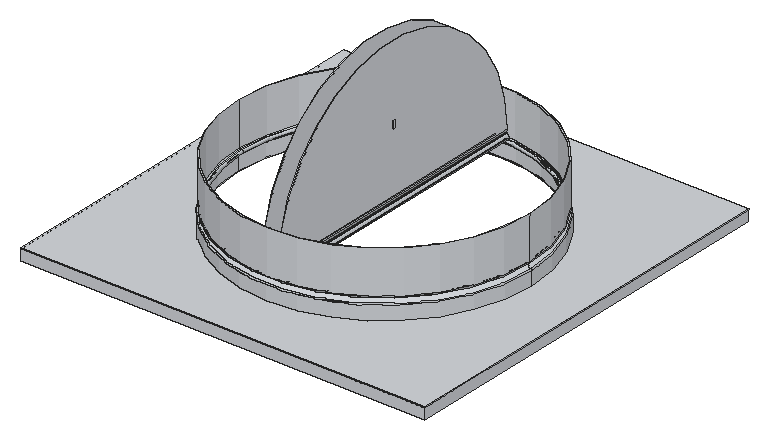
Revit family "C-RD-T, C-RD-AT", category Mechanical Equipment, Revit 2015
Parameters
  Void Radius [instance] = Exact Diameter / 2 - 0' 0 9/256"  # 0' - 7 247/256"
  URL = "http://unitedenertech.com/catalog/pdf/D-2%20%20C-RD%20(-T)%20(-AT).pdf"
  Type Comments = "Max. Size is (18\" Diameter, 22\"w x 22\"l Box Transition)"
  Track Length [instance] = Exact Diameter - 0' 0 1/2"  # 1' - 3 1/2"
  Model = "C-RD-T, C-RD-A/T"
  Manufacturer = "United Enertech Corporation"
  Height = 0' - 3 1/2"
  Exact Diameter = 1' - 4"
  Description = "Round Ceiling Damper with Rectangular Transition"
  Box Width = 1' - 10"
  Box Length = 1' - 10"
  Blade Height [instance] = Exact Diameter / 2 + 0' 0 1/2"  # 0' - 8 1/2"
Reference planes (in)
  plane 1 "Center (Front/Back)": y = 0
  plane 2: z = 0
  plane 3 "Center (Left/Right)": x = 0
  plane 4: x = -8
  plane 5: x = 8
  plane 6: z = 3.5
  plane 7: y = -7.75
  plane 8: y = 7.75
  plane 9: x = -11
  plane 10: x = 11
  plane 11: y = -11
  plane 12: y = 11
  plane 13: z = -0.625
  plane 14: z = -0.0359
  plane 15: y = -10.9641
  plane 16: y = 10.9641
  plane 17: x = -10.9641
  plane 18: x = 10.9641
Forms (in)
  Revolve 1, solid
    sketch origin (0, 0, 0) x (1, 0, 0) y (0, 0, 1)
      loop
        line (8, 0) -> (8, 0.75322)
        arc (8, 0.75322) -> (7.99391, 0.78384) -> (7.97657, 0.80979) r 0.08
        line (7.97657, 0.80979) -> (7.74318, 0.98318)
        arc (7.74318, 0.98318) -> (7.73343, 1.03222) -> (7.775, 1.06) r 0.045
        line (7.775, 1.06) -> (7.855, 1.06)
        arc (7.855, 1.06) -> (7.9151, 1.0849) -> (7.94, 1.145) r 0.085
        line (7.94, 1.145) -> (7.94, 3.5) -> (7.9, 3.5) -> (7.9, 1.145)
        arc (7.9, 1.145) -> (7.88682, 1.11318) -> (7.855, 1.1) r 0.045
        line (7.855, 1.1) -> (7.775, 1.1)
        arc (7.775, 1.1) -> (7.69647, 1.04753) -> (7.7149, 0.9549) r 0.085
        line (7.7149, 0.9549) -> (7.94828, 0.78151)
        arc (7.94828, 0.78151) -> (7.95696, 0.76853) -> (7.96, 0.75322) r 0.04
        line (7.96, 0.75322) -> (7.96, 0) -> (8, 0)
      axis (0, 3.5) -> (0, 0)
    angle from 0 to 360
  Extrusion 2, solid
    sketch origin (0, 0, 0) x (1, 0, 0) y (0, 1, 0)
      loop
        line (-11, 11) -> (-11, -11) -> (11, -11) -> (11, 11) -> (-11, 11)
      loop
        line (-10.9641, -10.9641) -> (10.9641, -10.9641) -> (10.9641, 10.9641) -> (-10.9641, 10.9641) -> (-10.9641, -10.9641)
    from -0.625 to -0.0359
  Extrusion 3, solid
    sketch origin (0, 0, 0) x (1, 0, 0) y (0, 1, 0)
      loop
        line (-11, 11) -> (-11, -11) -> (11, -11) -> (11, 11) -> (-11, 11)
    from -0.0359 to 0
  Extrusion 4, void
    sketch origin (-66.38155, 14.45568, 0) x (1, 0, 0) y (0, 1, 0)
      loop
        circle (66.38155, -14.45568) r 7.96484
    from -0.625 to 0
Cuts and joins
  Extrusion 4 cuts Extrusion 3
Dimensions and locks (in)
  equal spacing: plane 4, plane 3 "Center (Left/Right)", plane 5
  "Exact Diameter": plane 4 to plane 5
  "Height": plane 6 to level
  equal spacing: plane 8, plane 1 "Center (Front/Back)", plane 7
  "Track Length": plane 8 to plane 7
  equal spacing: plane 9, plane 3 "Center (Left/Right)", plane 10
  "Box Length": plane 9 to plane 10
  equal spacing: plane 12, plane 1 "Center (Front/Back)", plane 11
  "Box Width": plane 12 to plane 11
  locked: level to plane 13 at 0.625
  locked: level to plane 14 at 0.0359
  locked: plane 15 to plane 11 at 0.0359
  locked: plane 16 to plane 12 at 0.0359
  locked: plane 9 to plane 17 at 0.0359
  locked: plane 18 to plane 10 at 0.0359
  "Void Radius": radius of Extrusion 4 sketch curve
  aligned and locked: level to plane 2
  aligned and locked: plane 5 to Revolve 1 sketch curve
  aligned and locked: plane 1 "Center (Front/Back)" to nested 1
  aligned and locked: plane 1 "Center (Front/Back)" to nested 2
  aligned and locked: plane 12 to Extrusion 2 sketch curve
  aligned and locked: Extrusion 2 sketch curve to plane 9
  aligned and locked: Extrusion 2 sketch curve to plane 10
  aligned and locked: plane 11 to Extrusion 2 sketch curve
  aligned and locked: Extrusion 2 sketch curve to plane 15
  aligned and locked: Extrusion 2 sketch curve to plane 16
  aligned and locked: Extrusion 2 sketch curve to plane 17
  aligned and locked: Extrusion 2 sketch curve to plane 18
  aligned and locked: Extrusion 2 to plane 13
  aligned and locked: plane 14 to Extrusion 2
  aligned and locked: plane 12 to Extrusion 3 sketch curve
  aligned and locked: plane 11 to Extrusion 3 sketch curve
  aligned and locked: Extrusion 3 sketch curve to plane 9
  aligned and locked: Extrusion 3 sketch curve to plane 10
  aligned and locked: Extrusion 3 to plane 14
  aligned and locked: level to Extrusion 3
  aligned and locked: level to Extrusion 4
Automatic sketch dimensions
  Revolve 1 sketch curve to Revolve 1 sketch curve = 0' - 0"  (x6)
  Revolve 1 sketch curve to plane 3 "Center (Left/Right)" = 0' - 0"
  level to Revolve 1 sketch curve = 0' - 0.9549"
  plane 5 to Revolve 1 sketch curve = 0' - 0.2851"
  level to Revolve 1 sketch curve = 0' - 0.98318"
  Revolve 1 sketch curve to Revolve 1 sketch curve = 0' - 0.02828"  (x3)
  Revolve 1 sketch curve to Revolve 1 sketch curve = 0' - 0.03182"  (x2)
  Revolve 1 sketch curve to Revolve 1 sketch curve = 0' - 0.08"
  Revolve 1 sketch curve to Revolve 1 sketch curve = 0' - 0.045"
  Revolve 1 sketch curve to Revolve 1 sketch curve = 0' - 0.2051"
  level to Revolve 1 sketch curve = 0' - 0.78151"
  Revolve 1 sketch curve to Revolve 1 sketch curve = 0' - 0 3/256"
  level to Revolve 1 sketch curve = 0' - 0"
  Revolve 1 sketch curve to Revolve 1 sketch curve = 0' - 2.355"
  Revolve 1 sketch curve to level = 0' - 4 245/256"
  level to Revolve 1 sketch curve = 0' - 8 203/256"
  plane 1 "Center (Front/Back)" to Extrusion 4 sketch curve = 0' - 0"
  Extrusion 4 sketch curve to plane 3 "Center (Left/Right)" = 0' - 0"
Nested families (in)
  nested 1: "CRD Track" at (1.0397, 0, 1.07164) x (0, -1, 0) z (0, 0, 1), type "CRD Track"
    with Track Length 1' - 3 1/2"
  nested 2: "CRD Blades" at (-0.38995, 0, 1.57164), type "CRD Blades"
    with Radius 0' - 7 3/4", H1 0' - 3 7/8", Blade Height 0' - 8 1/4", Blade Length 1' - 3 1/2"
  nested 3: "CRD Blades" at (0.38995, 0, 1.57164) x (-1, 0, 0) z (0, 0, 1), type "CRD Blades"
    with Radius 0' - 7 3/4", H1 0' - 3 7/8", Blade Height 0' - 8 1/4", Blade Length 1' - 3 1/2"
Definition of nested family "CRD Track"
  Parameters (values of type "CRD Track")
    Track Length = 2' - 0"
  Reference planes (in)
    plane 1 "Center (Front/Back)": y = 0
    plane 2: z = 0
    plane 3 "Center (Left/Right)": x = 0
    plane 4: x = -12
    plane 5: x = 12
    plane 6: x = -12.0359
    plane 7: x = 12.0359
    plane 8: z = 0.5
    plane 9: y = -0.7897
    plane 10: y = -1.2897
    plane 11: x = 11.5
    plane 12: x = -11.5
  Forms (in)
    Extrusion 1, solid
      sketch origin (0, 2.51089, -1.29923) x (0, 1, 0) y (0, 0, 1)
        loop
          arc (-3.55059, 1.29923) -> (-3.30873, 1.30598) -> (-3.06763, 1.32622) r 4.33445
          arc (-3.06763, 1.32622) -> (-3.03891, 1.3374) -> (-3.01954, 1.36136) r 0.06
          arc (-3.01954, 1.36136) -> (-3.0102, 1.49991) -> (-3.09301, 1.61139) r 0.2008
          arc (-3.09301, 1.61139) -> (-3.14853, 1.61336) -> (-3.18187, 1.56892) r 0.06
          line (-3.18187, 1.56892) -> (-3.20309, 1.43923) -> (-3.16839, 1.43355) -> (-3.14717, 1.56324)
          arc (-3.14717, 1.56324) -> (-3.13377, 1.58144) -> (-3.11117, 1.58126) r 0.02484
          arc (-3.11117, 1.58126) -> (-3.04188, 1.48234) -> (-3.05816, 1.36268) r 0.16564
          arc (-3.05816, 1.36268) -> (-3.30397, 1.34146) -> (-3.55059, 1.33438) r 4.2993
          arc (-3.55059, 1.33438) -> (-3.79721, 1.34146) -> (-4.04302, 1.36268) r 4.2993
          arc (-4.04302, 1.36268) -> (-4.0593, 1.48234) -> (-3.99001, 1.58126) r 0.16564
          arc (-3.99001, 1.58126) -> (-3.9674, 1.58144) -> (-3.95401, 1.56324) r 0.02484
          line (-3.95401, 1.56324) -> (-3.93278, 1.43355) -> (-3.89809, 1.43923) -> (-3.91931, 1.56892)
          arc (-3.91931, 1.56892) -> (-3.95265, 1.61336) -> (-4.00817, 1.61139) r 0.06
          arc (-4.00817, 1.61139) -> (-4.09098, 1.49991) -> (-4.08164, 1.36136) r 0.2008
          arc (-4.08164, 1.36136) -> (-4.06226, 1.3374) -> (-4.03355, 1.32622) r 0.06
          arc (-4.03355, 1.32622) -> (-3.79245, 1.30598) -> (-3.55059, 1.29923) r 4.33445
      from -12 to 12
    Extrusion 2, solid
      sketch origin (2.39415, 1.36935, 0) x (1, 0, 0) y (0, 1, 0)
        loop
          line (-14.43005, -2.65905) -> (-14.39415, -2.65905) -> (-14.39415, -2.15905) -> (-14.43005, -2.15905) -> (-14.43005, -2.65905)
      from 0 to 0.5
    Extrusion 3, solid
      sketch origin (-2.39415, 1.36935, 0) x (-1, 0, 0) y (0, -1, 0)
        loop
          line (-14.43005, 2.65905) -> (-14.43005, 2.15905) -> (-14.39415, 2.15905) -> (-14.39415, 2.65905) -> (-14.43005, 2.65905)
      from 0 to 0.5
    Extrusion 4, solid
      sketch origin (0, 0, 0) x (0, 1, 0) y (0, 0, 1)
        loop
          line (-0.7897, 0.5) -> (-1.2897, 0.5) -> (-1.2897, 0.4641) -> (-0.7897, 0.4641) -> (-0.7897, 0.5)
      from 11.5 to 12
    Extrusion 5, solid
      sketch origin (0, 0, 0) x (0, 1, 0) y (0, 0, -1)
        loop
          line (-0.7897, -0.5) -> (-0.7897, -0.4641) -> (-1.2897, -0.4641) -> (-1.2897, -0.5) -> (-0.7897, -0.5)
      from 11.5 to 12
  Dimensions and locks (in)
    equal spacing: plane 4, plane 3 "Center (Left/Right)", plane 5
    "Track Length": plane 4 to plane 5
    locked: plane 5 to plane 7 at 0.0359
    locked: plane 6 to plane 4 at 0.0359
    locked: plane 8 to level at 0.5
    locked: plane 11 to plane 5 at 0.5
    locked: plane 4 to plane 12 at 0.5
    aligned and locked: level to plane 2
    aligned and locked: plane 4 to Extrusion 1
    aligned and locked: plane 5 to Extrusion 1
    aligned and locked: Extrusion 2 to plane 4
    aligned and locked: Extrusion 3 to plane 5
    aligned and locked: plane 8 to Extrusion 2
    aligned and locked: plane 8 to Extrusion 3
    aligned and locked: plane 11 to Extrusion 4
    aligned and locked: plane 5 to Extrusion 4
    aligned and locked: plane 12 to Extrusion 5
    aligned and locked: plane 4 to Extrusion 5
  Automatic sketch dimensions
    Extrusion 1 sketch curve to Extrusion 1 sketch curve = 0' - 0"  (x23)
    Extrusion 1 sketch curve to level = 0' - 0"
    level to Extrusion 1 sketch curve = 0' - 0.08662"  (x2)
    Extrusion 1 sketch curve to plane 10 = 0' - 0.22627"
    Extrusion 1 sketch curve to plane 10 = 0' - 0.17794"
    Extrusion 1 sketch curve to Extrusion 1 sketch curve = 0' - 0.02452"  (x2)
    Extrusion 1 sketch curve to Extrusion 1 sketch curve = 0' - 0.09408"  (x2)
    Extrusion 1 sketch curve to Extrusion 1 sketch curve = 0' - 0.03469"  (x3)
    Extrusion 1 sketch curve to Extrusion 1 sketch curve = 0' - 0.03446"
    Extrusion 1 sketch curve to Extrusion 1 sketch curve = 0' - 0.00023"  (x2)
    Extrusion 1 sketch curve to plane 9 = 0' - 0 1/4"
    plane 9 to Extrusion 1 sketch curve = 0' - 0.0975"
    plane 9 to Extrusion 1 sketch curve = 0' - 0.11872"
    Extrusion 1 sketch curve to Extrusion 1 sketch curve = 0' - 0.04771"  (x2)
    Extrusion 1 sketch curve to Extrusion 1 sketch curve = 0' - 0.00568"  (x2)
    Extrusion 1 sketch curve to Extrusion 1 sketch curve = 0' - 0.00408"  (x2)
    Extrusion 1 sketch curve to Extrusion 1 sketch curve = 0' - 0.00401"  (x2)
    plane 8 to Extrusion 1 sketch curve = 0' - 3.83445"
    Extrusion 1 sketch curve to Extrusion 1 sketch curve = 0' - 0.01616"
    Extrusion 1 sketch curve to Extrusion 1 sketch curve = 0' - 0.01148"  (x2)
    Extrusion 1 sketch curve to Extrusion 1 sketch curve = 0' - 0.01817"
    Extrusion 2 sketch curve to plane 6 = 0' - 0"
    Extrusion 2 sketch curve to plane 4 = 0' - 0"
    Extrusion 2 sketch curve to plane 10 = 0' - 0"
    Extrusion 2 sketch curve to plane 9 = 0' - 0"
    Extrusion 3 sketch curve to plane 7 = 0' - 0"
    Extrusion 3 sketch curve to plane 5 = 0' - 0"
    Extrusion 3 sketch curve to plane 10 = 0' - 0"
    Extrusion 3 sketch curve to plane 9 = 0' - 0"
    Extrusion 4 sketch curve to plane 8 = 0' - 0"
    Extrusion 4 sketch curve to plane 10 = 0' - 0"
    Extrusion 4 sketch curve to plane 9 = 0' - 0"
    Extrusion 4 sketch curve to Extrusion 4 sketch curve = 0' - 0.0359"
    Extrusion 5 sketch curve to plane 8 = 0' - 0"
    Extrusion 5 sketch curve to plane 10 = 0' - 0"
    Extrusion 5 sketch curve to plane 9 = 0' - 0"
    Extrusion 5 sketch curve to Extrusion 5 sketch curve = 0' - 0.0359"
Definition of nested family "CRD Blades"
  Parameters (values of type "CRD Blades")
    Radius [instance] = Blade Length / 2  # 0' - 3"
    H1 [instance] = Blade Length / 4  # 0' - 1 1/2"
    Blade Length = 0' - 6"
    Blade Height [instance] = Blade Length / 2 + 0' 0 1/2"  # 0' - 3 1/2"
  Reference planes (in)
    plane 1 "Center (Front/Back)": y = 0
    plane 2: z = 0
    plane 3 "Center (Left/Right)": x = 0
    plane 4: y = -3
    plane 5: y = 3
    plane 6: z = 0.5
    plane 7: y = 3.75
    plane 8: y = -3.75
    plane 9: x = 0.81286
    plane 10: x = 0.84804
    plane 11: z = 1.5
  Forms (in)
    Extrusion 1, solid
      sketch origin (-0.91968, 0, -0.94057) x (1, 0, 0) y (0, 0, 1)
        loop
          line (1.76265, 0.53586) -> (1.76265, 0.67432) -> (1.72749, 0.67432) -> (1.72749, 0.53586)
          arc (1.72749, 0.53586) -> (1.7164, 0.49959) -> (1.68692, 0.47573) r 0.06484
          line (1.68692, 0.47573) -> (1.59351, 0.47573)
          arc (1.59351, 0.47573) -> (1.46899, 0.65557) -> (1.63265, 0.8007) r 0.16484
          arc (1.63265, 0.8007) -> (1.72987, 0.84197) -> (1.76772, 0.94057) r 0.13516
          line (1.76772, 0.94057) -> (1.73254, 0.94057)
          arc (1.73254, 0.94057) -> (1.70501, 0.86683) -> (1.63265, 0.83586) r 0.1
          arc (1.63265, 0.83586) -> (1.43383, 0.65757) -> (1.58948, 0.44057) r 0.2
          line (1.58948, 0.44057) -> (1.69299, 0.44057)
          arc (1.69299, 0.44057) -> (1.74338, 0.47684) -> (1.76265, 0.53586) r 0.1
      from -3 to 3
    Revolve 2, solid
      sketch origin (0, 0, 0) x (1, 0, 0) y (0, 1, 0)
        loop
          line (0.81286, 3) -> (0.81286, 0) -> (0.84804, 0) -> (0.84804, 3) -> (0.81286, 3)
        axis (0.81286, 0) -> (0.85223, 0)
      angle from 180 to 360
    Extrusion 3, solid
      sketch origin (0, -1.06356, 1.80332) x (0, 1, 0) y (0, 0, 1)
        loop
          line (1.12606, -0.30332) -> (1.00106, -0.30332) -> (1.00106, -0.67832) -> (1.12606, -0.67832) -> (1.12606, -0.30332)
      from 0.84297 to 0.93131
  Dimensions and locks (in)
    equal spacing: plane 5, plane 1 "Center (Front/Back)", plane 4
    "Blade Length": plane 5 to plane 4
    locked: plane 6 to level at 0.5
    locked: plane 4 to plane 8 at 0.75
    locked: plane 7 to plane 5 at 0.75
    "H1": plane 11 to level
    aligned and locked: level to plane 2
    aligned and locked: plane 5 to Extrusion 1
    aligned and locked: Extrusion 1 to plane 4
    aligned and locked: Revolve 2 sketch curve to plane 9
    aligned and locked: Revolve 2 sketch curve to plane 5
    aligned and locked: plane 10 to Revolve 2 sketch curve
    aligned and locked: Revolve 2 sketch curve to plane 1 "Center (Front/Back)"
    aligned and locked: plane 11 to Extrusion 3
  Automatic sketch dimensions
    Extrusion 1 sketch curve to Extrusion 1 sketch curve = 0' - 0"  (x5)
    Extrusion 1 sketch curve to level = 0' - 0 1/2"
    plane 3 "Center (Left/Right)" to Extrusion 1 sketch curve = 0' - 0.6698"
    Extrusion 1 sketch curve to Extrusion 1 sketch curve = 0' - 0.00403"
    Extrusion 1 sketch curve to Extrusion 1 sketch curve = 0' - 0.03914"
    Extrusion 1 sketch curve to Extrusion 1 sketch curve = 0' - 0.06914"
    Extrusion 1 sketch curve to Extrusion 1 sketch curve = 0' - 0.02427"
    Extrusion 1 sketch curve to Extrusion 1 sketch curve = 0' - 0.00607"
    Extrusion 1 sketch curve to Extrusion 1 sketch curve = 0' - 0.09484"
    Extrusion 1 sketch curve to Extrusion 1 sketch curve = 0' - 0 9/256"
    Extrusion 1 sketch curve to Extrusion 1 sketch curve = 0' - 0.1"  (x2)
    Extrusion 1 sketch curve to Extrusion 1 sketch curve = 0' - 0.03847"
    Extrusion 1 sketch curve to Extrusion 1 sketch curve = 0' - 0.09989"
    Extrusion 1 sketch curve to Extrusion 1 sketch curve = 0' - 0.03519"
    plane 1 "Center (Front/Back)" to Revolve 2 sketch curve = 0' - 0"
    Revolve 2 sketch curve to plane 3 "Center (Left/Right)" = 0' - 4.43714"
    Revolve 2 sketch curve to plane 10 = 0' - 9.71481"
    Extrusion 1 sketch curve to level = 0' - 0"
    plane 1 "Center (Front/Back)" to Extrusion 3 sketch curve = 0' - 0 1/16"
    plane 6 to Extrusion 3 sketch curve = 0' - 0 5/8"
    Extrusion 3 sketch curve to Extrusion 3 sketch curve = 0' - 0 3/8"
    Extrusion 3 sketch curve to Extrusion 3 sketch curve = 0' - 0 1/8"
